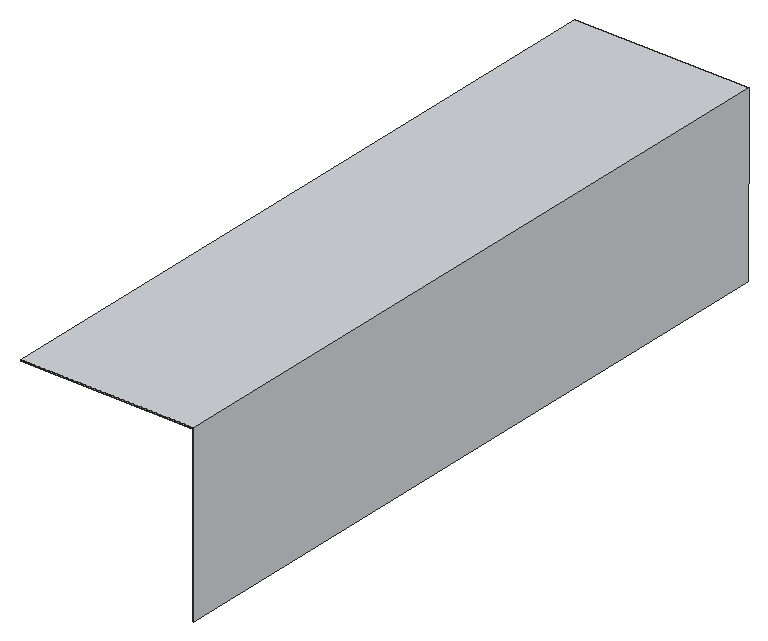
Revit family "KEUCO_14947000110", category Allgemeines Modell, Revit 2016
Family settings
  Teiletyp = Normal
  Kann Basisbauteil für Bewehrung sein = Nein
  Bemaßung runder Anschluss = Durchmesser verwenden
  Arbeitsebenenbasiert = Ja
  Immer vertikal = Nein
  Beim Laden mit Abzugskörper schneiden = Nein
  Gemeinsam genutzt = Nein
  Raumberechnungspunkt = Nein
Parameters (values of type "14947000140")
  Verwendung = "DU / WA"  # constant formula
  URL = "https://www.keuco.com/de/produkte/sortiment/artikel/?pid=14947&oid=8&pgo=37&country=de&lang=de&vid=14947000140"
  Typenbild = <Keine Auswahl>
  Preisgruppe = ""
  Max. Länge [instance] = if(Längetyp = 1, 1400 mm, if(Längetyp = 2, 1800 mm, if(Längetyp = 3, 2000 mm, if(Längetyp = 4, 3000 mm, 1400 mm))))  # 3000 mm
  Materialien bei Hersteller anfragen = "Anfrage zu:  objektmanagement@keuco.de"
  Länge-A [instance] = 500 mm
  Länge-B [instance] = 500 mm
  Längetyp = 4
  Kategorie = ""
  Höhe = 2000 mm  # constant formula
  Volle Länge [instance] = if([Länge-B] + [Länge-A] < Max. Länge, [Länge-B] + [Länge-A], Max. Länge)  # 1000 mm
  Gewicht = 0
  Beschreibung = "100% Polyester, 75g/m², seitlich gesäumt,\r\nVerstärkungsband für Edelstahlösen\r\nAbstand der Ösen ca. 20 cm\r\nEdelstahl-Rollsaum auf rechts genäht, per Meter 50 g\r\nduschdicht, fungizid, antibakteriell\r\nbei 30 °C waschbar, Einlaufquote 3 %\r\nkomplett mit Vorhangringen weiß"
  Vorgabe-Ansicht = 1800 mm
  Serie = "Plan"  # constant formula
  Material = Weiß (RAL 9010)
  Hersteller = "KEUCO"  # constant formula
  Assembly Code = ""
  Ausschreibungstext = "KEUCO PLAN Duschvorhang maxxi, 3000 x 2000 mm, 14947000140.\r\n100 % Polyester, 75g/m²\r\nseitlich gesäumt, Verstärkungsband für Edelstahlösen\r\nAbstand der Ösen ca. 20 cm\r\nEdelstahl-Rollsaum auf rechts genäht, per Meter 50 g\r\nduschdicht, fungizid, antibakteriell\r\nbei 30 Grad waschbar, Einlaufquote 3%\r\nkomplett mit Vorhangringen, weiß\r\n\r\nHinweis zu den Maßen:\r\nBei den angegebenen Maßen handelt es sich um fertige Vorhangmaße.\r\nDamit der Vorhang nicht im Wannenboden \r\noder auf dem Fußboden aufliegt, empfehlen wir: \r\nAbstand vom Duschvorhang zum Boden ca. 30 mm.\r\nAbstand zwischen Stangenmitte und Oberkante Duschvorhang ca. 40 mm.\r\n\r\nDie Vorhangbreite sollte ca. das 1,3 bis 1,5-fache \r\nder Vorhangstangenlänge betragen."
  Artikelnummer = "14947000140"
Types (4, lengths in mm): name | URL | Max. Länge | Materialien bei Hersteller anfragen | Längetyp | Ausschreibungstext | Artikelnummer
  14947000110 | "https://www.keuco.com/de/produkte/sortiment/artikel/?pid=14947&oid=8&pgo=37&country=de&lang=de&vid=14947000110" | 1400 | "Request to:  objektmanagement@keuco.de" | 1 | "KEUCO PLAN Duschvorhang maxxi, 1400 x 2000 mm, 14947000110\r\n100 % Polyester, 75g/m²\r\nseitlich gesäumt, Verstärkungsband für Edelstahlösen\r\nAbstand der Ösen ca. 20 cm\r\nEdelstahl-Rollsaum auf rechts genäht, per Meter 50 g\r\nduschdicht, fungizid, antibakteriell\r\nbei 30 Grad waschbar, Einlaufquote 3%\r\nkomplett mit Vorhangringen, weiß\r\n\r\nHinweis zu den Maßen:\r\nBei den angegebenen Maßen handelt es sich um fertige Vorhangmaße.\r\nDamit der Vorhang nicht im Wannenboden \r\noder auf dem Fußboden aufliegt, empfehlen wir: \r\nAbstand vom Duschvorhang zum Boden ca. 30 mm.\r\nAbstand zwischen Stangenmitte und Oberkante Duschvorhang ca. 40 mm.\r\n\r\nDie Vorhangbreite sollte ca. das 1,3 bis 1,5-fache \r\nder Vorhangstangenlänge betragen." | "14947000110"
  14947000120 | "https://www.keuco.com/de/produkte/sortiment/artikel/?pid=14947&oid=8&pgo=37&country=de&lang=de&vid=14947000120" | 1800 | "Request to:  objektmanagement@keuco.de" | 2 | "KEUCO PLAN Duschvorhang maxxi, 1800 x 2000 mm, 14947000120\r\n100 % Polyester, 75g/m²\r\nseitlich gesäumt, Verstärkungsband für Edelstahlösen\r\nAbstand der Ösen ca. 20 cm\r\nEdelstahl-Rollsaum auf rechts genäht, per Meter 50 g\r\nduschdicht, fungizid, antibakteriell\r\nbei 30 Grad waschbar, Einlaufquote 3%\r\nkomplett mit Vorhangringen, weiß\r\n\r\nHinweis zu den Maßen:\r\nBei den angegebenen Maßen handelt es sich um fertige Vorhangmaße.\r\nDamit der Vorhang nicht im Wannenboden \r\noder auf dem Fußboden aufliegt, empfehlen wir: \r\nAbstand vom Duschvorhang zum Boden ca. 30 mm.\r\nAbstand zwischen Stangenmitte und Oberkante Duschvorhang ca. 40 mm.\r\n\r\nDie Vorhangbreite sollte ca. das 1,3 bis 1,5-fache \r\nder Vorhangstangenlänge betragen." | "14947000120"
  14947000130 | "https://www.keuco.com/de/produkte/sortiment/artikel/?pid=14947&oid=8&pgo=37&country=de&lang=de&vid=14947000130" | 2000 | "Request to:  objektmanagement@keuco.de" | 3 | "KEUCO PLAN Duschvorhang maxxi, 2000 x 2000 mm, 14947000130\r\n100 % Polyester, 75g/m²\r\nseitlich gesäumt, Verstärkungsband für Edelstahlösen\r\nAbstand der Ösen ca. 20 cm\r\nEdelstahl-Rollsaum auf rechts genäht, per Meter 50 g\r\nduschdicht, fungizid, antibakteriell\r\nbei 30 Grad waschbar, Einlaufquote 3%\r\nkomplett mit Vorhangringen, weiß\r\n\r\nHinweis zu den Maßen:\r\nBei den angegebenen Maßen handelt es sich um fertige Vorhangmaße.\r\nDamit der Vorhang nicht im Wannenboden \r\noder auf dem Fußboden aufliegt, empfehlen wir: \r\nAbstand vom Duschvorhang zum Boden ca. 30 mm.\r\nAbstand zwischen Stangenmitte und Oberkante Duschvorhang ca. 40 mm.\r\n\r\nDie Vorhangbreite sollte ca. das 1,3 bis 1,5-fache \r\nder Vorhangstangenlänge betragen." | "14947000130"
  14947000140 | "https://www.keuco.com/de/produkte/sortiment/artikel/?pid=14947&oid=8&pgo=37&country=de&lang=de&vid=14947000140" | 3000 | "Anfrage zu:  objektmanagement@keuco.de" | 4 | "KEUCO PLAN Duschvorhang maxxi, 3000 x 2000 mm, 14947000140.\r\n100 % Polyester, 75g/m²\r\nseitlich gesäumt, Verstärkungsband für Edelstahlösen\r\nAbstand der Ösen ca. 20 cm\r\nEdelstahl-Rollsaum auf rechts genäht, per Meter 50 g\r\nduschdicht, fungizid, antibakteriell\r\nbei 30 Grad waschbar, Einlaufquote 3%\r\nkomplett mit Vorhangringen, weiß\r\n\r\nHinweis zu den Maßen:\r\nBei den angegebenen Maßen handelt es sich um fertige Vorhangmaße.\r\nDamit der Vorhang nicht im Wannenboden \r\noder auf dem Fußboden aufliegt, empfehlen wir: \r\nAbstand vom Duschvorhang zum Boden ca. 30 mm.\r\nAbstand zwischen Stangenmitte und Oberkante Duschvorhang ca. 40 mm.\r\n\r\nDie Vorhangbreite sollte ca. das 1,3 bis 1,5-fache \r\nder Vorhangstangenlänge betragen." | "14947000140"
Reference planes
  plane 1 "Center (Front/Back)": y = 0
  plane 2: z = 0
  plane 3 "Center (Left/Right)": x = 0
  plane 4: x = -500
  plane 5: x = -2
  plane 6: x = 2
  plane 7: y = -2000
  plane 8: z = 500
Forms (mm)
  Sweep 1, solid
    path origin (0, 0, 1166.544) x (0, 0, 1) y (-1, 0, 0)
      loop
        line (-1166.544, 0) -> (-666.544, 0) -> (-666.544, 500)
    profile origin (0, 0, 250) x (-1, 0, 0) y (0, -1, 0)
      loop
        line (-2, 0) -> (2, 0) -> (2, 2000) -> (-2, 2000) -> (-2, 0)
Dimensions and locks
  locked: plane 5 to plane 6 at 4
  "Höhe": plane 7 to plane 1 "Center (Front/Back)"
  "Länge-B": plane 3 "Center (Left/Right)" to plane 4
  "Länge-A": plane 8 to plane 2
  aligned and locked: level to plane 2
  aligned and locked: plane 6 to Sweep 1 sketch curve
  aligned and locked: profile plane to Sweep 1 sketch curve
  aligned and locked: Sweep 1 sketch curve to plane 5
  aligned and locked: Sweep 1 sketch curve to plane 7
  aligned and locked: plane 4 to Sweep 1 sketch curve
  aligned and locked: plane 2 to Sweep 1 sketch curve
  aligned and locked: plane 8 to Sweep 1 sketch curve
  aligned and locked: plane 3 "Center (Left/Right)" to Sweep 1 sketch curve
